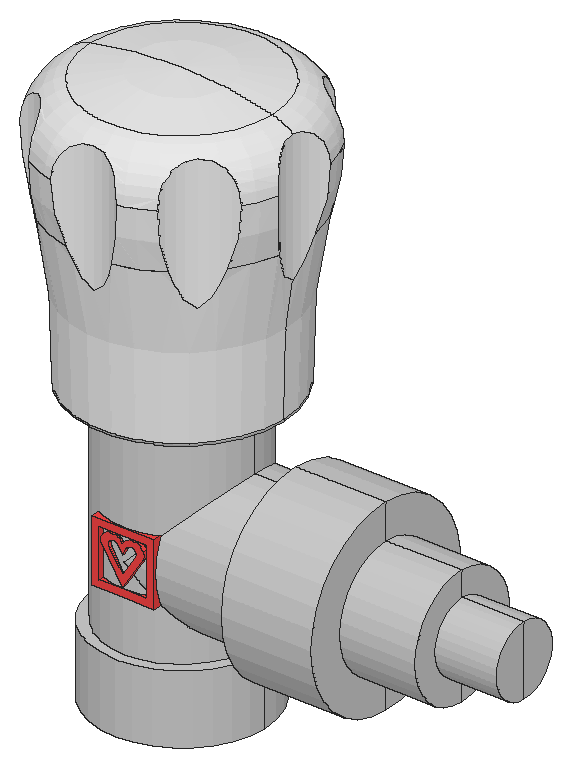
Revit family "GP Heizkörperregulierventil Eck 5524", category Rohrzubehör, Revit 2021
Family settings
  Bemaßung runder Anschluss = Durchmesser verwenden
  Teiletyp = Unterbricht
  OmniClass-Nummer = 23.65.55.14
  OmniClass-Titel = Valves for Liquid Services
  Arbeitsebenenbasiert = Nein
  Immer vertikal = Ja
  Beim Laden mit Abzugskörper schneiden = Nein
  Gemeinsam genutzt = Nein
Parameters
  Vorgabe-Ansicht = 0.000 mm
  URL = "www.herz-armaturen.at"
  SCRNSEQ = "ARM;ARM_TYP=\"ALLF\";2"
  SCRNCODE = "05;00;02"  # constant formula
  S04 = 45.000 mm  # constant formula
  S03 [instance] = H02 - 5.000 mm + 41.000 mm  # 60.000 mm
  S02 [instance] = L04 + L03 - L02  # 25.500 mm
  S01 = 10.000 mm  # constant formula
  Nennweite [instance] = 10.000 mm
  Medium = "Heizwasserqualität entsprechend ÖNORM H 5195 bzw. VDI-Richtllinie 2035."
  Max.Betriebstemperatur = 120 °C  # constant formula
  Max.Betriebsdruck = 1000000.0 Pa  # constant formula
  LO1 [instance] = R01 - 0.500 mm  # 10.000 mm
  L04 [instance] = size_lookup("5524_", "L4", 1.000 mm, Nennweite)  # 20.000 mm
  L03 [instance] = size_lookup("5524_", "L3", 1.000 mm, Nennweite)  # 13.000 mm
  L02 [instance] = size_lookup("5524_", "L2", 1.000 mm, Nennweite)  # 7.500 mm
  L01 [instance] = size_lookup("5524_", "L1", 1.000 mm, Nennweite)  # 24.000 mm
  Hersteller = "HERZ Armaturen Ges.m.b.H."  # constant formula
  Handrad = "Kunststoff, weiß"  # constant formula
  H03 [instance] = size_lookup("5524_", "H3", 1.000 mm, Nennweite)  # 10.000 mm
  H02 [instance] = size_lookup("5524_", "H2", 1.000 mm, Nennweite)  # 24.000 mm
  H01 [instance] = size_lookup("5524_", "H1", 1.000 mm, Nennweite)  # 22.000 mm
  Gehäuse = "vernickeltes Messing"  # constant formula
  GT1 [instance] = size_lookup("5524_", "GT1", 1.000 mm, Nennweite)  # 9.000 mm
  GT [instance] = size_lookup("5524_", "GT", 1.000 mm, Nennweite)  # 9.500 mm
  G2 [instance] = Nennweite / 2  # 5.000 mm
  G1 [instance] = Nennweite / 2  # 5.000 mm
  R01 = 10.500 mm  # constant formula
  D05 [instance] = size_lookup("5524_", "D5", 1.000 mm, Nennweite)  # 8.500 mm
  D04 [instance] = size_lookup("5524_", "D4", 1.000 mm, Nennweite)  # 13.500 mm
  D03 [instance] = R01  # 10.500 mm
  D02 [instance] = size_lookup("5524_", "D2", 1.000 mm, Nennweite)  # 7.940 mm
  D01 [instance] = size_lookup("5524_", "D1", 1.000 mm, Nennweite)  # 12.000 mm
  Bestellnummer [instance] = size_lookup("5524_", "Artnr", 0, Nennweite)  # 1552420
  Ausführungen = "Universalmodelle mit Spezialmuffen für Gewinderohr und Klemmsetanschluss, vernickelt."
Reference planes
  plane 1 "Mitte (Vorne/hinten)": y = 0
  plane 2: z = 0
  plane 3 "Mitte (Links/rechts)": x = 0
Forms (mm)
  Revolve 1, solid, material "Messing, weicher Gelbton, geschweißt", detail levels fine
    sketch origin (0, 0, 0) x (1, 0, 0) y (0, 0, 1)
      loop
        line (0, 24) -> (-10.5, 24) -> (-10.5, -12) -> (-12, -12) -> (-12, -22) -> (-5, -22) -> (-5, -12.5) -> (0, -12.5) -> (0, 24)
      axis (0, 24) -> (0, -22)
    angle from 0 to 360
  Revolve 2, solid, material "Messing, weicher Gelbton, geschweißt", detail levels fine
    sketch origin (0, 0, 0) x (1, 0, 0) y (0, 0, 1)
      loop
        line (0, 0) -> (24, 0) -> (24, 7.94) -> (16.5, 7.94) -> (16.5, 10.5) -> (0, 10.5) -> (0, 0)
      axis (0, 0) -> (24, 0)
    angle from 0 to 360
  Revolve 3, solid, material "Messing, weicher Gelbton, geschweißt", detail levels fine
    sketch origin (-1, 0, 0) x (1, 0, 0) y (0, 0, 1)
      loop
        line (25, 0) -> (50.5, 0) -> (50.5, 5) -> (41.5, 5) -> (41.5, 8.5) -> (30.5, 8.5) -> (30.5, 13.5) -> (17.5, 13.5) -> (17.5, 7.94) -> (25, 7.94) -> (25, 0)
      axis (17.5, 0) -> (50.5, 0)
    angle from 0 to 360
Lines and regions (mm)
  model lines, detail levels coarse+medium
    curve 1: line (0, 0, 0) -> (12, 0, -22)
    curve 2: line (12, 0, -22) -> (-12, 0, -22)
    curve 3: line (-12, 0, -22) -> (0, 0, 0)
    curve 4: line (0, 0, 0) -> (24, 0, 13.5)
    curve 5: line (24, 0, 13.5) -> (24, 0, -13.5)
    curve 6: line (24, 0, -13.5) -> (0, 0, 0)
    curve 7: line (24, 0, 13.5) -> (34, 0, 13.5)
    curve 8: line (34, 0, 13.5) -> (24, 0, 0)
    curve 9: line (24, 0, -13.5) -> (34, 0, -13.5)
    curve 10: line (34, 0, -13.5) -> (24, 0, 0)
    curve 11: line (24, 0, 0) -> (49.5, 0, 0)
    curve 12: line (0, 0, 0) -> (0, 0, 60)
    curve 13: line (-22.5, 0, 60) -> (22.5, 0, 60)
    curve 14: line (0, 0, 0) -> (0, 60, 0)
    curve 15: line (-22.5, 60, 0) -> (22.5, 60, 0)
    curve 16: line (0, 0, 0) -> (12, -22, 0)
    curve 17: line (12, -22, 0) -> (-12, -22, 0)
    curve 18: line (-12, -22, 0) -> (0, 0, 0)
    curve 19: line (0, 0, 0) -> (24, 13.5, 0)
    curve 20: line (24, 13.5, 0) -> (24, -13.5, 0)
    curve 21: line (24, -13.5, 0) -> (0, 0, 0)
    curve 22: line (24, 13.5, 0) -> (34, 13.5, 0)
    curve 23: line (34, 13.5, 0) -> (24, 0, 0)
    curve 24: line (24, -13.5, 0) -> (34, -13.5, 0)
    curve 25: line (24, 0, 0) -> (34, -13.5, 0)
Dimensions and locks
  "H02": Revolve 1 sketch curve to plane 2
  "H01": plane 2 to Revolve 1 sketch curve
  "R01": Revolve 1 sketch curve to Revolve 1 sketch curve
  "G1": Revolve 1 sketch curve to Revolve 1 sketch curve
  "D01": Revolve 1 sketch curve to Revolve 1 sketch curve
  "GT": Revolve 1 sketch curve to Revolve 1 sketch curve
  "H03": Revolve 1 sketch curve to Revolve 1 sketch curve
  "D02": Revolve 2 sketch curve to Revolve 2 sketch curve
  "D03": Revolve 2 sketch curve to Revolve 2 sketch curve
  "L01": Revolve 2 sketch curve to Revolve 2 sketch curve
  "L02": Revolve 2 sketch curve to Revolve 2 sketch curve
  "H02": nested 1 to plane 2
  "LO1": nested 2 to plane 1 "Mitte (Vorne/hinten)"
  "L02": Revolve 3 sketch curve to Revolve 3 sketch curve
  "L03": Revolve 3 sketch curve to Revolve 3 sketch curve
  "L04": Revolve 3 sketch curve to Revolve 3 sketch curve
  "D04": Revolve 3 sketch curve to Revolve 3 sketch curve
  "G2": Revolve 3 sketch curve to Revolve 3 sketch curve
  "D05": Revolve 3 sketch curve to Revolve 3 sketch curve
  "GT1": Revolve 3 sketch curve to Revolve 3 sketch curve
  "L01": plane 3 "Mitte (Links/rechts)" to Revolve 3 sketch curve
  "D02": Revolve 3 sketch curve to plane 2
  "H01": plane 2 to curve 2
  "L01": curve 5 to plane 3 "Mitte (Links/rechts)"
  "D01": curve 2 to plane 3 "Mitte (Links/rechts)" to curve 3
  "D04": curve 5 to plane 2 to curve 6
  "S01": curve 5 to curve 8
  "S01": curve 5 to curve 10
  "S02": curve 11 to curve 11
  "S03": curve 12 to plane 2
  equal spacing: curve 13, curve 12, curve 13
  "S04": curve 13 to curve 13
  "S04": curve 15 to curve 15
  equal spacing: curve 15, curve 14, curve 15
  "S03": plane 1 "Mitte (Vorne/hinten)" to curve 14
  "H01": curve 17 to plane 1 "Mitte (Vorne/hinten)"
  "D01": curve 18 to plane 3 "Mitte (Links/rechts)" to curve 17
  "L01": plane 3 "Mitte (Links/rechts)" to curve 20
  "D04": curve 21 to plane 1 "Mitte (Vorne/hinten)" to curve 20
  "S01": curve 20 to curve 23
  "S01": curve 20 to curve 25
  aligned and locked: level to plane 2
Automatic sketch dimensions
  curve 12 to plane 3 "Mitte (Links/rechts)" = 0.000 mm
  curve 4 to level = 0.000 mm
  curve 10 to level = 0.000 mm
  curve 8 to level = 0.000 mm
  plane 1 "Mitte (Vorne/hinten)" to curve 16 = 0.000 mm
  curve 16 to plane 3 "Mitte (Links/rechts)" = 0.000 mm
  plane 1 "Mitte (Vorne/hinten)" to curve 23 = 0.000 mm
  Revolve 1 sketch curve to plane 3 "Mitte (Links/rechts)" = 0.000 mm  (x2)
  Revolve 1 sketch curve to Revolve 1 sketch curve = 345.545 mm
  Revolve 1 sketch curve to Revolve 1 sketch curve = 2189.815 mm
  Revolve 2 sketch curve to level = 0.000 mm  (x2)
  Revolve 2 sketch curve to plane 3 "Mitte (Links/rechts)" = 0.000 mm
  Revolve 2 sketch curve to plane 3 "Mitte (Links/rechts)" = 1506.530 mm
  Revolve 2 sketch curve to Revolve 2 sketch curve = 1815.148 mm
  Revolve 3 sketch curve to level = 0.000 mm  (x2)
  Revolve 3 sketch curve to plane 3 "Mitte (Links/rechts)" = 1507.530 mm
  Revolve 3 sketch curve to Revolve 3 sketch curve = 1789.648 mm
Nested families
  nested 1: "Handrad-Heizkörperventile" at (0, 0, 18.5), type "Handrad-Heizkörperventile", detail levels fine
  nested 2: "Herz-Logo-vorne" at (0, -10, 0) x (0, -1, 0) z (0, 0, 1), type "Herz-Logo-vorne", detail levels fine
Connectors
  piping at (0, 0, -12.5), diameter 10, driven by "Nennweite"
    settings: on Revolve 1, index 1, connector inside diameter 609.6 mm, connector length 0.000 mm, flow factor 0, pipe flow 0.0 L/s, pressure drop 0.0 Pa, fitting loss kfactor 0, connector angle 0.00°, fixture units 0, engagement length 0.000 mm, angle of deflection 0.00°, flow configuration 0, flow direction 1, fitting loss method 0, system type 7, joint type 0, gender type 0, connector reference index -1, connector utility 0, adjustable connector no, is connector primary yes, connector description ""
  piping at (49.5, 0, 0), diameter 10, driven by "Nennweite"
    settings: on Revolve 3, index 2, connector inside diameter 609.6 mm, connector length 0.000 mm, flow factor 0, pipe flow 0.0 L/s, pressure drop 0.0 Pa, fitting loss kfactor 0, connector angle 0.00°, fixture units 0, engagement length 0.000 mm, angle of deflection 0.00°, flow configuration 0, flow direction 2, fitting loss method 0, system type 7, joint type 0, gender type 0, connector reference index -1, connector utility 0, adjustable connector no, is connector primary no, connector description ""
Definition of nested family "Handrad-Heizkörperventile"
  Parameters (values of type "Handrad-Heizkörperventile")
    Default Elevation = 0.000 mm
    T01 = 5.500 mm  # constant formula
    R01 = 10.500 mm  # constant formula
  Reference planes
    plane 1 "Mitte (Vorne/hinten)": y = 0
    plane 2: z = 0
    plane 3 "Mitte (Links/rechts)": x = 0
  Forms (mm)
    Revolve 1, solid, detail levels fine
      sketch origin (0, 0, 0) x (1, 0, 0) y (0, 0, 1)
        loop
          line (10.5, 0) -> (14.25, 0)
          arc (14.25, 0) -> (14.604, 0.146) -> (14.75, 0.5) r 0.5
          arc (14.75, 0.5) -> (15.098, 12.356) -> (17.195, 24.03) r 80
          arc (17.195, 24.03) -> (18.172, 28.281) -> (18.5, 32.63) r 29
          arc (18.5, 32.63) -> (17.011, 36.946) -> (13.177, 39.426) r 7
          arc (13.177, 39.426) -> (6.637, 40.626) -> (0, 41.028) r 55
          line (0, 41.028) -> (0, 5.5) -> (10.5, 5.5) -> (10.5, 0)
        axis (0, 41.028) -> (0, 0)
      angle from 0 to 360
    Extrusion 2, void
      sketch origin (0, 0, 0) x (1, 0, 0) y (0, 1, 0)
        loop
          arc (-16.011, 9.268) -> (-11.314, 11.314) -> (-9.268, 16.011) r 7
          arc (-9.268, 16.011) -> (-13.081, 13.081) -> (-16.011, 9.268) r 18.5
        loop
          arc (16.011, 9.268) -> (13.081, 13.081) -> (9.268, 16.011) r 18.5
          arc (9.268, 16.011) -> (11.314, 11.314) -> (16.011, 9.268) r 7
        loop
          arc (-16.011, -9.268) -> (-13.081, -13.081) -> (-9.268, -16.011) r 18.5
          arc (-9.268, -16.011) -> (-11.314, -11.314) -> (-16.011, -9.268) r 7
        loop
          arc (16.011, -9.268) -> (11.314, -11.314) -> (9.268, -16.011) r 7
          arc (9.268, -16.011) -> (13.081, -13.081) -> (16.011, -9.268) r 18.5
        loop
          arc (17.953, 4.58) -> (16.078, -0.188) -> (17.953, -4.956) r 7
          arc (17.953, -4.956) -> (18.578, -0.188) -> (17.953, 4.58) r 18.5
        loop
          arc (-17.953, 4.58) -> (-18.578, -0.188) -> (-17.953, -4.956) r 18.5
          arc (-17.953, -4.956) -> (-16.078, -0.188) -> (-17.953, 4.58) r 7
        loop
          arc (-4.58, 17.953) -> (0.188, 16.078) -> (4.956, 17.953) r 7
          arc (4.956, 17.953) -> (0.188, 18.578) -> (-4.58, 17.953) r 18.5
        loop
          arc (-4.58, -17.953) -> (0.188, -18.578) -> (4.956, -17.953) r 18.5
          arc (4.956, -17.953) -> (0.188, -16.078) -> (-4.58, -17.953) r 7
      from 15.609 to 43.011
  Cuts and joins
    Extrusion 2 cuts Revolve 1
  Dimensions and locks
    "R01": Revolve 1 sketch curve to Revolve 1 sketch curve
    Revolve 1 sketch curve to plane 3 "Mitte (Links/rechts)" = 14.750 mm
    "T01": Revolve 1 sketch curve to Revolve 1 sketch curve
    aligned and locked: level to plane 2
  Automatic sketch dimensions
    Extrusion 2 sketch curve to Extrusion 2 sketch curve = 0.000 mm  (x14)
    plane 1 "Mitte (Vorne/hinten)" to Extrusion 2 sketch curve = 0.000 mm
    Extrusion 2 sketch curve to plane 3 "Mitte (Links/rechts)" = 0.000 mm
    Extrusion 2 sketch curve to plane 3 "Mitte (Links/rechts)" = 0.078 mm
    Extrusion 2 sketch curve to plane 3 "Mitte (Links/rechts)" = 16.263 mm  (x2)
    plane 1 "Mitte (Vorne/hinten)" to Extrusion 2 sketch curve = 0.188 mm  (x2)
    Extrusion 2 sketch curve to Extrusion 2 sketch curve = 6.815 mm  (x4)
    plane 3 "Mitte (Links/rechts)" to Extrusion 2 sketch curve = 0.078 mm
    plane 3 "Mitte (Links/rechts)" to Extrusion 2 sketch curve = 0.188 mm  (x2)
    plane 1 "Mitte (Vorne/hinten)" to Extrusion 2 sketch curve = 0.078 mm
    Extrusion 2 sketch curve to Extrusion 2 sketch curve = 0.110 mm  (x2)
    Extrusion 2 sketch curve to plane 1 "Mitte (Vorne/hinten)" = 0.078 mm
    plane 3 "Mitte (Links/rechts)" to Extrusion 2 sketch curve = 16.263 mm  (x2)
    plane 1 "Mitte (Vorne/hinten)" to Extrusion 2 sketch curve = 16.263 mm  (x2)
    Extrusion 2 sketch curve to plane 1 "Mitte (Vorne/hinten)" = 16.263 mm  (x2)
    Extrusion 2 sketch curve to plane 3 "Mitte (Links/rechts)" = 4.580 mm  (x2)
    Extrusion 2 sketch curve to Extrusion 2 sketch curve = 4.688 mm  (x2)
    Extrusion 2 sketch curve to Extrusion 2 sketch curve = 0.252 mm  (x4)
    Extrusion 2 sketch curve to Extrusion 2 sketch curve = 1.942 mm  (x4)
    Extrusion 2 sketch curve to Extrusion 2 sketch curve = 4.312 mm  (x4)
    Revolve 1 sketch curve to plane 3 "Mitte (Links/rechts)" = 0.000 mm  (x2)
    Revolve 1 sketch curve to level = 0.000 mm
    Revolve 1 sketch curve to plane 3 "Mitte (Links/rechts)" = 10.500 mm
    plane 3 "Mitte (Links/rechts)" to Revolve 1 sketch curve = 11.500 mm
    Revolve 1 sketch curve to Revolve 1 sketch curve = 0.500 mm
    level to Revolve 1 sketch curve = 4.086 mm
    Revolve 1 sketch curve to Revolve 1 sketch curve = 79.920 mm
    Revolve 1 sketch curve to level = 13.972 mm
    Revolve 1 sketch curve to Revolve 1 sketch curve = 27.130 mm
    Revolve 1 sketch curve to Revolve 1 sketch curve = 8.398 mm
    Revolve 1 sketch curve to Revolve 1 sketch curve = 0.000 mm
    Revolve 1 sketch curve to Revolve 1 sketch curve = 1.305 mm
    Revolve 1 sketch curve to Revolve 1 sketch curve = 352.073 mm
    Revolve 1 sketch curve to Revolve 1 sketch curve = 2173.287 mm
Definition of nested family "Herz-Logo-vorne"
  Parameters (values of type "Herz-Logo-vorne")
    Default Elevation = 0.000 mm
  Reference planes
    plane 1 "Mitte (Vorne/hinten)": y = 0
    plane 2: z = 0
    plane 3 "Mitte (Links/rechts)": x = 0
  Forms (mm)
    Extrusion 1, solid
      sketch origin (0.732, -0.018, 0.017) x (0, -1, 0) y (0, 0, 1)
        loop
          line (-0.018, -4.517) -> (4.482, -4.517) -> (4.482, 4.483) -> (-4.518, 4.483) -> (-4.518, -4.517) -> (-0.018, -4.517)
        loop
          line (-0.05, -3.48) -> (3.482, -3.48) -> (3.482, 3.483) -> (-3.518, 3.483) -> (-3.518, -3.48) -> (-0.05, -3.48)
        loop
          arc (-0.018, 2.383) -> (-1.543, 3.287) -> (-3.067, 2.383) r 1.738
          arc (-3.067, 2.383) -> (-3.191, 1.899) -> (-3.067, 1.415) r 1.009
          line (-3.067, 1.415) -> (-0.018, -3.281) -> (3.032, 1.415)
          arc (3.032, 1.415) -> (3.156, 1.899) -> (3.032, 2.383) r 1.009
          arc (3.032, 2.383) -> (1.507, 3.287) -> (-0.018, 2.383) r 1.738
        loop
          arc (1.885, 1.272) -> (2.005, 1.675) -> (1.885, 2.079) r 0.74
          arc (1.885, 2.079) -> (1.265, 2.416) -> (0.644, 2.079) r 0.74
          line (0.644, 2.079) -> (-0.018, 0.97) -> (-0.679, 2.079)
          arc (-0.679, 2.079) -> (-1.3, 2.416) -> (-1.921, 2.079) r 0.74
          arc (-1.921, 2.079) -> (-2.04, 1.675) -> (-1.921, 1.272) r 0.74
          line (-1.921, 1.272) -> (-0.018, -1.658) -> (1.885, 1.272)
      from 0 to 1.5
  Dimensions and locks
    aligned and locked: level to plane 2
